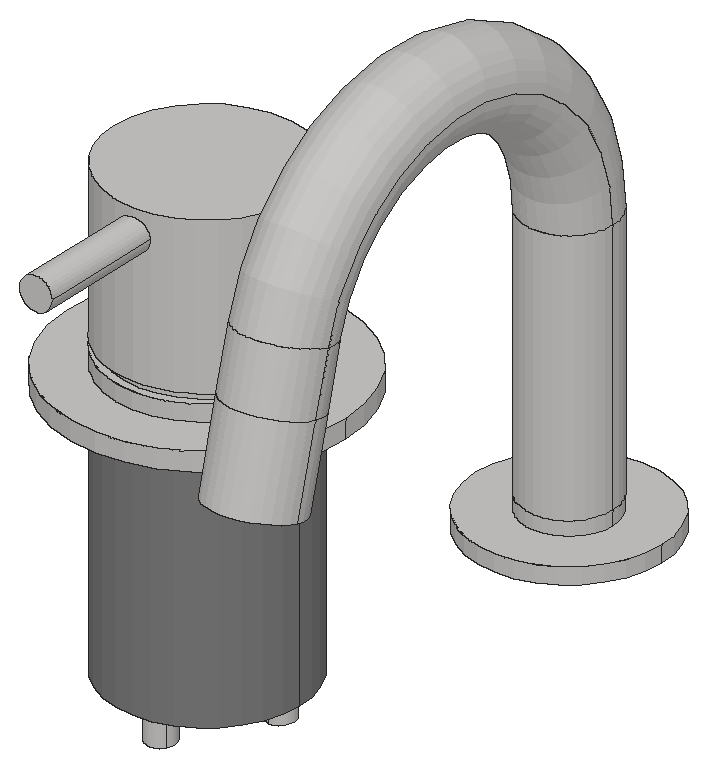
Revit family "590A", category Plumbing Fixtures, Revit 2021
Family settings
  Round Connector Dimension = Use Diameter
  Part Type = Normal
  Work Plane-Based = No
  Always vertical = Yes
  Cut with Voids When Loaded = No
  Shared = No
  Room Calculation Point = No
Parameters
  e-mail = "info@vola.com"
  URL = "http://vola.com"
  Telephone = "+45 7023 5500"
  Quality management standard = "ISO 9001"
  Organisation no. / DUNS no. = "17531328"
  Occupational health and safety management standard = "ISO 18001"
  Mounting Instructions = "http://vola.com/service/producturl.ashx?name=590A"
  Model = "590A"
  Materials and components information = "http://vola.com/service/producturl.ashx?name=590A"
  Manufacturer = "VOLA A/S"
  Maintenance Instructions = "http://vola.com/service/producturl.ashx?name=590A"
  Guarantee = "2 years"
  Flow = "9,00 l/min"
  Environmental management standard = "ISO 14000"
  Default Elevation = 0.00 mm
  Connection - All relevant connections = "10mm flexible hose"
  Approvals = "http://vola.com/service/producturl.ashx?name=590A"
Reference planes
  plane 1 "Center (Front/Back)": y = 0
  plane 2: z = 0
  plane 3 "Center (Left/Right)": x = 0
Dimensions and locks
  aligned and locked: plane 2 to level
Nested families
  nested 1: "090A" at (0, 0, 0), type "090A"
  nested 2: "500" at (-78, 0, 0), type "500"
Connectors
  piping at (-67.175, 6.25, -63), diameter 6
    settings: on nested 2, index 1, connector inside diameter 0.23622", connector length 0.00 mm, flow factor 0, pipe flow 0 GPM, pressure drop 0.00 psi, fitting loss kfactor 0, connector angle 0.00°, fixture units 0, engagement length 0.00 mm, angle of deflection 0.00°, flow configuration 0, flow direction 1, fitting loss method 0, system type 20, joint type 0, gender type 0, connector reference index -1, connector utility 0, adjustable connector no, is connector primary yes, connector description ""
  piping at (-88.825, 6.25, -63), diameter 6
    settings: on nested 2, index 2, connector inside diameter 0.23622", connector length 0.00 mm, flow factor 0, pipe flow 0 GPM, pressure drop 0.00 psi, fitting loss kfactor 0, connector angle 0.00°, fixture units 0, engagement length 0.00 mm, angle of deflection 0.00°, flow configuration 0, flow direction 1, fitting loss method 0, system type 19, joint type 0, gender type 0, connector reference index -1, connector utility 0, adjustable connector no, is connector primary no, connector description ""
Definition of nested family "090A"
  Parameters
    e-mail = "info@vola.com"
    URL = "http://vola.com"
    Telephone = "+45 7023 5500"
    Quality management standard = "ISO 9001"
    Organisation no. / DUNS no. = "17531328"
    Occupational health and safety management standard = "ISO 18001"
    Mounting Instructions = "http://vola.com/service/producturl.ashx?name=090A"
    Model = "090A"
    Materials and components information = "http://vola.com/service/producturl.ashx?name=090A"
    Manufacturer = "VOLA A/S"
    Maintenance Instructions = "http://vola.com/service/producturl.ashx?name=090A"
    Guarantee = "2 years"
    Environmental management standard = "ISO 14000"
    Default Elevation = 0.00 mm
    Connection - All relevant connections = ""
    Approvals = "http://vola.com/service/producturl.ashx?name=090A"
  Reference planes
    plane 1 "Center (Front/Back)": y = 0
    plane 2: z = 0
    plane 3 "Center (Left/Right)": x = 0
  Forms (mm)
    Sweep 1, solid
      path origin (0, 0, 0) x (0, 1, 0) y (0, 0, 1)
        loop
          line (0, 6.5) -> (0, 61.5)
          arc (0, 61.5) -> (-33.909, 100.166) -> (-76.671, 71.594) r 39
          line (-76.671, 71.594) -> (-80.036, 59.037)
      profile origin (0, 0, 34) x (0, -1, 0) y (1, 0, 0)
        loop
          circle (0, 0) r 9.5
    Extrusion 2, solid
      sketch origin (0, 0, 0) x (1, 0, 0) y (0, 1, 0)
        loop
          circle (0, 0) r 20
      from 0 to 3.5
    Extrusion 3, solid
      sketch origin (0, 0, 3.5) x (1, 0, 0) y (0, 1, 0)
        loop
          circle (0, 0) r 9.5
      from 0 to 3
    Extrusion 4, solid
      sketch origin (0, -80.036, 59.037) x (1, 0, 0) y (0, -0.965926, 0.258819)
        loop
          circle (0, 0) r 9.5
      from 0 to 18.5
  Cuts and joins
    joined: Sweep 1, Extrusion 2
  Dimensions and locks
    aligned and locked: plane 2 to level
Definition of nested family "500"
  Parameters
    e-mail = "info@vola.com"
    URL = "http://vola.com"
    Telephone = "+45 7023 5500"
    Quality management standard = "ISO 9001"
    Organisation no. / DUNS no. = "17531328"
    Occupational health and safety management standard = "ISO 18001"
    Mounting Instructions = "http://vola.com/service/producturl.ashx?name=500"
    Model = "500"
    Materials and components information = "http://vola.com/service/producturl.ashx?name=500"
    Manufacturer = "VOLA A/S"
    Maintenance Instructions = "http://vola.com/service/producturl.ashx?name=500"
    Guarantee = "2 years"
    Flow = "14,50 l/min"
    Environmental management standard = "ISO 14000"
    Default Elevation = 0.00 mm
    Connection - All relevant connections = "10mm flexible hose"
    Approvals = "http://vola.com/service/producturl.ashx?name=500"
  Reference planes
    plane 1 "Center (Front/Back)": y = 0
    plane 2: z = 0
    plane 3 "Center (Left/Right)": x = 0
  Forms (mm)
    Extrusion 1, solid
      sketch origin (0, 0, 0) x (1, 0, 0) y (0, 1, 0)
        loop
          circle (0, 0) r 30
      from 0 to 4
    Extrusion 2, solid
      sketch origin (0, 0, 7.5) x (1, 0, 0) y (0, 1, 0)
        loop
          circle (0, 0) r 18.25
      from 0 to 2
    Extrusion 3, solid
      sketch origin (0, 0, 9.5) x (1, 0, 0) y (0, 1, 0)
        loop
          circle (0, 0) r 20
      from 0 to 33.5
    Extrusion 4, solid
      sketch origin (0, 0, 3.25) x (1, 0, 0) y (0, 0, 1)
        loop
          circle (0, 34.5) r 3.5
      from 0 to 46
    Extrusion 5, solid
      sketch origin (0, 0, 0) x (0, 1, 0) y (1, 0, 0)
        loop
          circle (0, 0) r 20
      from 0 to 55
    Extrusion 6, solid
      sketch origin (0, 0, -55) x (0, 1, 0) y (1, 0, 0)
        loop
          circle (6.25, 10.825) r 3
        loop
          circle (6.25, -10.825) r 3
        loop
          circle (-12.5, 0) r 3
      from 0 to 8
    Extrusion 7, solid
      sketch origin (0, 0, 4) x (1, 0, 0) y (0, 1, 0)
        loop
          circle (0, 0) r 20
      from 0 to 3.5
  Cuts and joins
    joined: Extrusion 3, Extrusion 4
  Lines and regions (mm)
    model lines
      curve 1: line (6.05, -19.063, 43) -> (6.05, 19.063, 43)
      curve 2: line (-6.05, -19.063, 43) -> (-6.05, 19.063, 43)
    reference lines
      curve 3: line (-10.825, 6.25, -55) -> (-10.825, 6.25, -80)
      curve 4: line (10.825, 6.25, -55) -> (10.825, 6.25, -80)
  Dimensions and locks
    aligned and locked: plane 2 to level
